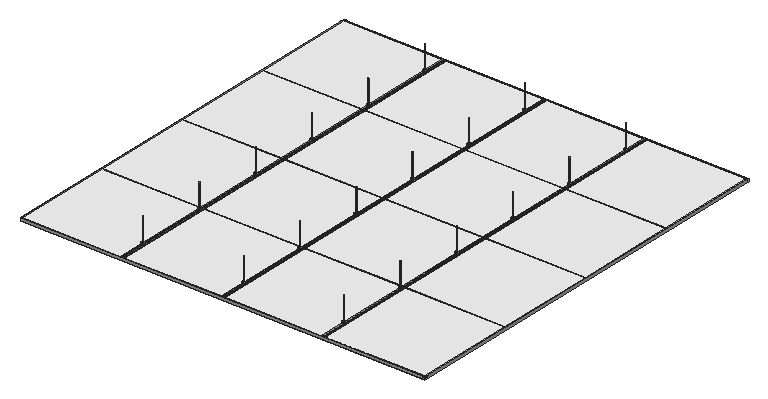
Revit family "FalsoTecho_THU_Bandeja-Capri", category Modelos genéricos, Revit 2016
Family settings
  Tipo de pieza = Normal
  Puede alojar armadura = No
  Cota de conector redondo = Diámetro de uso
  Se basa en plano de trabajo = Sí
  Siempre vertical = No
  Corte con vacíos al cargar = Sí
  Compartido = Sí
  Punto de cálculo de habitación = No
Parameters (values of type "Acero_CLIP-IN_1000x1000")
  Triangulo Oculto = yes
  Tirantes_Separación real [instance] = (Falso techo_Longitud real - (Tirante inicial_Distancia a borde * 2)) / (Tirantes_Recuento - 1)  # 700 mm
  Tirantes_Recuento [instance] = (Falso techo_Longitud real - (Tirante inicial_Distancia a borde * 2)) / Tirante_Separación aproximada + 2  # 6
  Tirante_Separación aproximada [instance] = 1000 mm  # constant formula
  Tirante_Longitud [instance] = THU_Falso techo_Plenum altura + Solape_Perfil y tirante  # 250 mm
  Tirante inicial_Distancia a borde [instance] = if(Bandejas_Recuento longitudinal < 2, 25 mm, 250 mm)  # 250 mm
  THU_Velo [instance] = yes
  THU_Subestructura_Material = "Acero galvanizado"
  THU_Subestructura_Color [instance] = THU_Acero galvanizado
  THU_Reacción al fuego = "a2-s1, d0"
  THU_Perfil secundario [instance] = Perfil_THU_Triangulo : Perfil Triangulo Oculto-Secundario
  THU_Perfil primario [instance] = Perfil_THU_Triangulo : Perfil Triangulo Oculto-Primario
  THU_Falso techo_Área [instance] = Falso techo_Longitud real * Falso techo_Anchura real  # 16.00 m²
  THU_Falso techo_Plenum altura [instance] = 250 mm
  THU_Falso techo_Longitud [instance] = 3500 mm
  THU_Falso techo_Anchura [instance] = 3500 mm
  THU_Falso techo_Altura libre [instance] = 2500 mm
  THU_Bandeja_Material = "Acero"
  THU_Bandeja_Color [instance] = THU_Blanco-Mate
  THU_Bandeja = Bandeja_THU_Capri : Acero_CLIP-IN_1000x1000
  THU_Acabado [instance] = Acabado_THU_Bandejas : Liso
  T24 = no
  T15 = no
  Solape_Perfil y tirante = 0 mm
  Página web del producto = "http://thu.es/producto/bandeja-capri/"
  Página web del fabricante = "http://thu.es/"
  Perfiles secundarios_Recuento [instance] = Bandejas_Recuento longitudinal - 1  # 3
  Perfiles primarios_Recuento [instance] = Bandejas_Recuento transversal - 1  # 3
  Perfiles perimetrales_Desfase vertical = 3 mm
  Perfil_Altura = 30 mm
  Perfil secundario_Longitud [instance] = Falso techo_Anchura real  # 4000 mm
  Perfil secundario_Intereje = 1000 mm  # constant formula
  Perfil primario_Longitud [instance] = Falso techo_Longitud real  # 4000 mm
  Perfil primario_Intereje = 1000 mm  # constant formula
  Perfil perimetral_Angular PVC [instance] = Perfiles perimetrales_THU : (F)_Angular PVC
  Perfil perimetral_Perfil cornisa [instance] = Perfiles perimetrales_THU : (D)_Perfil cornisa
  Perfil perimetral_L24x24 [instance] = Perfiles perimetrales_THU : (A)_L24x24
  Perfil perimetral_Anchura [instance] = if(A_L24x24, 24 mm, if(D_Perfil cornisa, 18 mm, if(F_Angular PVC, 28 mm, 24 mm)))  # 24 mm
  Perfil perimetral 04 [instance] = yes
  Perfil perimetral 03 [instance] = yes
  Perfil perimetral 02 [instance] = yes
  Perfil perimetral_Distancia a bandeja [instance] = Perfil perimetral_Anchura / 2  # 12 mm
  Perfil perimetral trans_Longitud [instance] = Perfil secundario_Longitud + (Perfil perimetral_Distancia a bandeja * 2)  # 4024 mm
  Perfil perimetral long_Longitud [instance] = Falso techo_Longitud real - ((Perfil perimetral_Anchura - Perfil perimetral_Distancia a bandeja) * 2)  # 3976 mm
  Perfil perimetral 01 [instance] = yes
  Perfil perimetral [instance] = if(A_L24x24, Perfil perimetral_L24x24, if(D_Perfil cornisa, Perfil perimetral_Perfil cornisa, if(F_Angular PVC, Perfil perimetral_Angular PVC, Perfil perimetral_L24x24)))  # Perfiles perimetrales_THU : (A)_L24x24
  Omniclass = "23-15 19 23 11"
  Número de edición (versión) = 0
  Nombre del objeto = "Bandeja Capri"
  NBS Reference Description = "Board suspended ceiling system"
  NBS Reference = "20-10-10/110"
  Model = ""
  Marca = "THU"
  Manual de montaje = ""
  IFC Classification = "IfcCovering (CEILING)"
  Grupo del producto = "Bandejas"
  Ficha técnica = ""
  Ficha resumen = "http://thu.es/wp-content/uploads/datasheets/THU_Techos_metalicos_Bandeja_Capri.pdf"
  Fecha de publicación del objeto BIM = ""
  Famila del producto = "Techos metálicos"
  Falso techo_Longitud real [instance] = ((Perfil secundario_Intereje * Bandejas_Recuento longitudinal) - Bandejas_Separación)  # 4000 mm
  Falso techo_Grosor = 33 mm  # constant formula
  Falso techo_Anchura real [instance] = ((Perfil primario_Intereje * Bandejas_Recuento transversal) - Bandejas_Separación)  # 4000 mm
  Fabricante = "THU Perfil S.L."
  F_Angular PVC [instance] = no
  Default Elevation = 0 mm
  Descripción = "Bandejas THU tipo Módena de dimensiones 585x585 mm, de cantos biselados (V6), rectos (V8) o enrasada y con sistema de perfilería vista (T24 o T-Decor24), compuesta por perfiles primarios y secundarios de ancho 24 mm y diferentes alturas. Alternativamente se pueden fabricar las bandejas en dimensiones 275x1175 mm con canto recto (V8)."
  Declaración de prestaciones = ""
  D_Perfil cornisa [instance] = no
  Comentarios de tipo = "Bandejas Módena T24 para techo suspendido, para ser montadas en interior de edificios con perfilería THU T24, T-Decor 24 o T-Clip"
  COBie Type Category = "L387 : Suspended ceilings"
  Bandejas_Recuento transversal [instance] = THU_Falso techo_Anchura / Perfil primario_Intereje  # 4
  Bandejas_Recuento longitudinal [instance] = THU_Falso techo_Longitud / Perfil secundario_Intereje  # 4
  Bandejas_Recuento [instance] = Bandejas_Recuento longitudinal * Bandejas_Recuento transversal  # 16
  Bandejas_Separación = 0 mm
  Bandeja_Longitud = Perfil secundario_Intereje - Bandejas_Separación  # 1000 mm
  Bandeja_Grosor = 43 mm
  Bandeja_Descuelgue = 5 mm
  Bandeja_Anchura = Perfil primario_Intereje - Bandejas_Separación  # 1000 mm
  A_L24x24 [instance] = yes
Reference planes
  plane 1 "Centro (Frontal/Posterior)": y = 0
  plane 2: z = 0
  plane 3 "Centro (Izquierda/Derecha)": x = 0
  plane 4 "Bandejas_Límite inferior": z = 2500
  plane 5 "Perfiles_Límite inferior": z = 2505
  plane 6 "Perfiles_Límite superior": z = 2535
  plane 7 "Plano de apoyo longitudinal_Separación rastreles": x = -4.5
  plane 8 "Plano de apoyo transversal_Separación rastreles": y = -4.5
  plane 9 "Tirantes_Parte superior": z = 2785
  plane 10 "Tirantes_Parte inferior": z = 2535
  plane 11 "Falso techo_Límite derecho": x = 3495.5
  plane 12 "Falso techo_Límite superior": y = 3495.5
  plane 13 "Perfiles perimetrales_Límite inferior": z = 2503
  plane 14 "Perfiles perimetrales_Límite superior real": y = 4000
  plane 15 "Perfiles perimetrales_Límite derecho real": x = 4000
Dimensions and locks
  "THU_Falso techo_Altura libre": plane 4 "Bandejas_Límite inferior" to level
  "Bandeja_Descuelgue": plane 5 "Perfiles_Límite inferior" to plane 4 "Bandejas_Límite inferior"
  "Perfil_Altura": plane 6 "Perfiles_Límite superior" to plane 5 "Perfiles_Límite inferior"
  locked: plane 7 "Plano de apoyo longitudinal_Separación rastreles" to plane 3 "Centro (Izquierda/Derecha)" at 4.5
  locked: plane 1 "Centro (Frontal/Posterior)" to plane 8 "Plano de apoyo transversal_Separación rastreles" at 4.5
  "Solape_Perfil y tirante": plane 6 "Perfiles_Límite superior" to plane 10 "Tirantes_Parte inferior"
  "THU_Falso techo_Plenum altura": plane 9 "Tirantes_Parte superior" to plane 6 "Perfiles_Límite superior"
  "THU_Falso techo_Anchura": plane 7 "Plano de apoyo longitudinal_Separación rastreles" to plane 11 "Falso techo_Límite derecho"
  "THU_Falso techo_Longitud": plane 12 "Falso techo_Límite superior" to plane 8 "Plano de apoyo transversal_Separación rastreles"
  equal spacing: group 1, group 2, group 3, group 10  (x3)
  "Bandejas_Separación": nested 1 to nested 2
  "Falso techo_Longitud real": plane 1 "Centro (Frontal/Posterior)" to plane 14 "Perfiles perimetrales_Límite superior real"
  "Falso techo_Anchura real": plane 3 "Centro (Izquierda/Derecha)" to plane 15 "Perfiles perimetrales_Límite derecho real"
  "Perfil perimetral_Distancia a bandeja": nested 4 to plane 3 "Centro (Izquierda/Derecha)"
  "Perfil perimetral_Distancia a bandeja": nested 4 to plane 1 "Centro (Frontal/Posterior)"
  "Perfil perimetral_Distancia a bandeja": nested 6 to plane 14 "Perfiles perimetrales_Límite superior real"
  "Perfil perimetral_Distancia a bandeja": nested 6 to plane 3 "Centro (Izquierda/Derecha)"
  "Perfil perimetral_Distancia a bandeja": plane 15 "Perfiles perimetrales_Límite derecho real" to nested 5
  equal spacing: group 4, group 5, group 11  (x3)
  "Perfil primario_Intereje": plane 7 "Plano de apoyo longitudinal_Separación rastreles" to nested 8
  "Perfil primario_Intereje": nested 8 to nested 9
  equal spacing: group 6, group 7, group 12  (x3)
  "Perfil primario_Intereje": plane 7 "Plano de apoyo longitudinal_Separación rastreles" to nested 10
  "Perfil primario_Intereje": nested 10 to nested 11
  equal spacing: group 8, group 9, group 13  (x3)
  "Perfil primario_Intereje": plane 3 "Centro (Izquierda/Derecha)" to nested 12
  "Perfil primario_Intereje": nested 12 to nested 13
  "Perfiles perimetrales_Desfase vertical": plane 13 "Perfiles perimetrales_Límite inferior" to plane 4 "Bandejas_Límite inferior"
  aligned and locked: level to plane 2
  aligned and locked: plane 1 "Centro (Frontal/Posterior)" to nested 1
  aligned and locked: plane 3 "Centro (Izquierda/Derecha)" to nested 1
  aligned and locked: nested 1 to plane 4 "Bandejas_Límite inferior"
  aligned and locked: nested 2 to plane 4 "Bandejas_Límite inferior"
  aligned and locked: nested 4 to nested 7  (x2)
  aligned and locked: nested 5 to nested 4
  aligned and locked: plane 5 "Perfiles_Límite inferior" to nested 8
  aligned and locked: plane 5 "Perfiles_Límite inferior" to nested 9
  aligned and locked: plane 5 "Perfiles_Límite inferior" to nested 10
  aligned and locked: plane 5 "Perfiles_Límite inferior" to nested 11
  aligned and locked: plane 5 "Perfiles_Límite inferior" to nested 12
  aligned and locked: plane 5 "Perfiles_Límite inferior" to nested 13
Nested families
  nested 1: "Bandeja_THU_Capri" at (0, 0, 2500), Bandeja_Anchura <- "Bandeja_Anchura", type <- "THU_Bandeja", THU_Color <- "THU_Bandeja_Color", THU_Material <- "THU_Bandeja_Material", Bandeja_Longitud <- "Bandeja_Longitud", Bandejas_Separación <- "Bandejas_Separación", Bandejas_Recuento transversal <- "Bandejas_Recuento transversal", type "Acero_CLIP-IN_1000x1000"
    with THU_Recuento (ud) 4, THU_Material "Acero", THU_Color THU_Blanco-Mate, Parte superior_Grosor 22 mm, Bandejas_Separación 0 mm, Bandejas_Recuento transversal 4, Bandeja_Longitud 1000 mm, Bandeja_Grosor 26 mm, Bandeja_Anchura 1000 mm
  nested 2: "Bandeja_THU_Capri" at (0, 1000, 2500), Bandeja_Anchura <- "Bandeja_Anchura", type <- "THU_Bandeja", THU_Color <- "THU_Bandeja_Color", THU_Material <- "THU_Bandeja_Material", Bandeja_Longitud <- "Bandeja_Longitud", Bandejas_Separación <- "Bandejas_Separación", Bandejas_Recuento transversal <- "Bandejas_Recuento transversal", type "Acero_CLIP-IN_1000x1000"
    with THU_Recuento (ud) 4, THU_Material "Acero", THU_Color THU_Blanco-Mate, Parte superior_Grosor 22 mm, Bandejas_Separación 0 mm, Bandejas_Recuento transversal 4, Bandeja_Longitud 1000 mm, Bandeja_Grosor 26 mm, Bandeja_Anchura 1000 mm
  nested 3: "Bandeja_THU_Capri" at (0, 2000, 2500), Bandeja_Anchura <- "Bandeja_Anchura", type <- "THU_Bandeja", THU_Color <- "THU_Bandeja_Color", THU_Material <- "THU_Bandeja_Material", Bandeja_Longitud <- "Bandeja_Longitud", Bandejas_Separación <- "Bandejas_Separación", Bandejas_Recuento transversal <- "Bandejas_Recuento transversal", type "Acero_CLIP-IN_1000x1000"
    with THU_Recuento (ud) 4, THU_Material "Acero", THU_Color THU_Blanco-Mate, Parte superior_Grosor 22 mm, Bandejas_Separación 0 mm, Bandejas_Recuento transversal 4, Bandeja_Longitud 1000 mm, Bandeja_Grosor 26 mm, Bandeja_Anchura 1000 mm
  nested 4: "Perfiles perimetrales_THU" at (-12, -12, 2503) x (0, 1, 0) z (0, 0, 1), THU_Color <- "THU_Subestructura_Color", THU_Material <- "THU_Subestructura_Material", Perfil_Anchura <- "Perfil perimetral_Anchura", type <- "Perfil perimetral", Perfil_Longitud <- "Perfil perimetral trans_Longitud", visible <- "Perfil perimetral 01", type "(A)_L24x24"
    with THU_Recuento (ml) 4024 mm, THU_Material "Acero galvanizado", THU_Color THU_Acero galvanizado, Perfil_Longitud 4024 mm, Perfil_Anchura 24 mm
  nested 5: "Perfiles perimetrales_THU" at (4012, 12, 2503) x (-1, 0, 0) z (0, 0, 1), THU_Color <- "THU_Subestructura_Color", THU_Material <- "THU_Subestructura_Material", Perfil_Anchura <- "Perfil perimetral_Anchura", type <- "Perfil perimetral", Perfil_Longitud <- "Perfil perimetral long_Longitud", visible <- "Perfil perimetral 02", type "(A)_L24x24"
    with THU_Recuento (ml) 3976 mm, THU_Material "Acero galvanizado", THU_Color THU_Acero galvanizado, Perfil_Longitud 3976 mm, Perfil_Anchura 24 mm
  nested 6: "Perfiles perimetrales_THU" at (-12, 4012, 2503) x (0, -1, 0) z (0, 0, 1), THU_Color <- "THU_Subestructura_Color", THU_Material <- "THU_Subestructura_Material", Perfil_Anchura <- "Perfil perimetral_Anchura", type <- "Perfil perimetral", Perfil_Longitud <- "Perfil perimetral trans_Longitud", visible <- "Perfil perimetral 03", type "(A)_L24x24"
    with THU_Recuento (ml) 4024 mm, THU_Material "Acero galvanizado", THU_Color THU_Acero galvanizado, Perfil_Longitud 4024 mm, Perfil_Anchura 24 mm
  nested 7: "Perfiles perimetrales_THU" at (-12, 12, 2503), THU_Color <- "THU_Subestructura_Color", THU_Material <- "THU_Subestructura_Material", Perfil_Anchura <- "Perfil perimetral_Anchura", type <- "Perfil perimetral", Perfil_Longitud <- "Perfil perimetral long_Longitud", visible <- "Perfil perimetral 04", type "(A)_L24x24"
    with THU_Recuento (ml) 3976 mm, THU_Material "Acero galvanizado", THU_Color THU_Acero galvanizado, Perfil_Longitud 3976 mm, Perfil_Anchura 24 mm
  nested 8: "Perfil_THU_T24" at (995.5, 0, 2505), Tirante inicial_Distancia a extremo <- "Tirante inicial_Distancia a borde", Tirante_Longitud <- "Tirante_Longitud", Tirantes_Recuento <- "Tirantes_Recuento", THU_Color <- "THU_Subestructura_Color", THU_Material <- "THU_Subestructura_Material", Perfil_Longitud <- "Perfil primario_Longitud", visible <- "T24", type "Perfil T24-Primario"
    with Tirantes_Recuento 6, Tirante_Longitud 250 mm, Tirante inicial_Distancia a extremo 250 mm, THU_Recuento (ml) 4000 mm, THU_Material "Acero galvanizado", THU_Color THU_Acero galvanizado, Perfil_Longitud 4000 mm, Perfil_Grosor superior 5 mm, Perfil_Grosor base 1 mm, Perfil_Altura alma 27 mm, Perfil_Altura 33 mm
  nested 9: "Perfil_THU_T24" at (1995.5, 0, 2505), Tirante inicial_Distancia a extremo <- "Tirante inicial_Distancia a borde", Tirante_Longitud <- "Tirante_Longitud", Tirantes_Recuento <- "Tirantes_Recuento", THU_Color <- "THU_Subestructura_Color", THU_Material <- "THU_Subestructura_Material", Perfil_Longitud <- "Perfil primario_Longitud", visible <- "T24", type "Perfil T24-Primario"
    with Tirantes_Recuento 6, Tirante_Longitud 250 mm, Tirante inicial_Distancia a extremo 250 mm, THU_Recuento (ml) 4000 mm, THU_Material "Acero galvanizado", THU_Color THU_Acero galvanizado, Perfil_Longitud 4000 mm, Perfil_Grosor superior 5 mm, Perfil_Grosor base 1 mm, Perfil_Altura alma 27 mm, Perfil_Altura 33 mm
  nested 10: "Perfil_THU_T15" at (995.5, 0, 2505), Tirante inicial_Distancia a extremo <- "Tirante inicial_Distancia a borde", Tirante_Longitud <- "Tirante_Longitud", Tirantes_Recuento <- "Tirantes_Recuento", visible <- "T15", THU_Color <- "THU_Subestructura_Color", THU_Material <- "THU_Subestructura_Material", Perfil_Longitud <- "Perfil primario_Longitud", type "Perfil T15-Primario"
    with Tirantes_Recuento 6, Tirante_Longitud 250 mm, Tirante inicial_Distancia a extremo 250 mm, THU_Recuento (ml) 4000 mm, THU_Material "Acero galvanizado", THU_Color THU_Acero galvanizado, Perfil_Longitud 4000 mm, Perfil_Grosor superior 10 mm, Perfil_Grosor base 1.8 mm, Perfil_Altura alma 26.2 mm, Perfil_Altura 38 mm
  nested 11: "Perfil_THU_T15" at (1995.5, 0, 2505), Tirante inicial_Distancia a extremo <- "Tirante inicial_Distancia a borde", Tirante_Longitud <- "Tirante_Longitud", Tirantes_Recuento <- "Tirantes_Recuento", visible <- "T15", THU_Color <- "THU_Subestructura_Color", THU_Material <- "THU_Subestructura_Material", Perfil_Longitud <- "Perfil primario_Longitud", type "Perfil T15-Primario"
    with Tirantes_Recuento 6, Tirante_Longitud 250 mm, Tirante inicial_Distancia a extremo 250 mm, THU_Recuento (ml) 4000 mm, THU_Material "Acero galvanizado", THU_Color THU_Acero galvanizado, Perfil_Longitud 4000 mm, Perfil_Grosor superior 10 mm, Perfil_Grosor base 1.8 mm, Perfil_Altura alma 26.2 mm, Perfil_Altura 38 mm
  nested 12: "Perfil_THU_Triangulo" at (1000, 0, 2505), Tirante inicial_Distancia a extremo <- "Tirante inicial_Distancia a borde", Tirante_Longitud <- "Tirante_Longitud", Tirantes_Recuento <- "Tirantes_Recuento", THU_Color <- "THU_Subestructura_Color", THU_Material <- "THU_Subestructura_Material", Perfil_Longitud <- "Perfil primario_Longitud", visible <- "Triangulo Oculto", type "Perfil Triangulo Oculto-Primario"
    with Tirantes_Recuento 6, Tirante_Longitud 250 mm, Tirante inicial_Distancia a extremo 250 mm, THU_Recuento (ml) 4000 mm, THU_Material "Acero galvanizado", THU_Color THU_Acero galvanizado, Perfil_Longitud 4000 mm, Perfil_Grosor superior 10.3 mm, Perfil_Grosor base 1 mm, Perfil_Altura alma 18.7 mm, Perfil_Altura 30 mm
  nested 13: "Perfil_THU_Triangulo" at (2000, 0, 2505), Tirante inicial_Distancia a extremo <- "Tirante inicial_Distancia a borde", Tirante_Longitud <- "Tirante_Longitud", Tirantes_Recuento <- "Tirantes_Recuento", THU_Color <- "THU_Subestructura_Color", THU_Material <- "THU_Subestructura_Material", Perfil_Longitud <- "Perfil primario_Longitud", visible <- "Triangulo Oculto", type "Perfil Triangulo Oculto-Primario"
    with Tirantes_Recuento 6, Tirante_Longitud 250 mm, Tirante inicial_Distancia a extremo 250 mm, THU_Recuento (ml) 4000 mm, THU_Material "Acero galvanizado", THU_Color THU_Acero galvanizado, Perfil_Longitud 4000 mm, Perfil_Grosor superior 10.3 mm, Perfil_Grosor base 1 mm, Perfil_Altura alma 18.7 mm, Perfil_Altura 30 mm
  nested 14: "Bandeja_THU_Capri" at (0, 3000, 2500), Bandeja_Anchura <- "Bandeja_Anchura", type <- "THU_Bandeja", THU_Color <- "THU_Bandeja_Color", THU_Material <- "THU_Bandeja_Material", Bandeja_Longitud <- "Bandeja_Longitud", Bandejas_Separación <- "Bandejas_Separación", Bandejas_Recuento transversal <- "Bandejas_Recuento transversal", type "Acero_CLIP-IN_1000x1000"
    with THU_Recuento (ud) 4, THU_Material "Acero", THU_Color THU_Blanco-Mate, Parte superior_Grosor 22 mm, Bandejas_Separación 0 mm, Bandejas_Recuento transversal 4, Bandeja_Longitud 1000 mm, Bandeja_Grosor 26 mm, Bandeja_Anchura 1000 mm
  nested 15: "Perfil_THU_T24" at (2995.5, 0, 2505), Tirante inicial_Distancia a extremo <- "Tirante inicial_Distancia a borde", Tirante_Longitud <- "Tirante_Longitud", Tirantes_Recuento <- "Tirantes_Recuento", THU_Color <- "THU_Subestructura_Color", THU_Material <- "THU_Subestructura_Material", Perfil_Longitud <- "Perfil primario_Longitud", visible <- "T24", type "Perfil T24-Primario"
    with Tirantes_Recuento 6, Tirante_Longitud 250 mm, Tirante inicial_Distancia a extremo 250 mm, THU_Recuento (ml) 4000 mm, THU_Material "Acero galvanizado", THU_Color THU_Acero galvanizado, Perfil_Longitud 4000 mm, Perfil_Grosor superior 5 mm, Perfil_Grosor base 1 mm, Perfil_Altura alma 27 mm, Perfil_Altura 33 mm
  nested 16: "Perfil_THU_T15" at (2995.5, 0, 2505), Tirante inicial_Distancia a extremo <- "Tirante inicial_Distancia a borde", Tirante_Longitud <- "Tirante_Longitud", Tirantes_Recuento <- "Tirantes_Recuento", visible <- "T15", THU_Color <- "THU_Subestructura_Color", THU_Material <- "THU_Subestructura_Material", Perfil_Longitud <- "Perfil primario_Longitud", type "Perfil T15-Primario"
    with Tirantes_Recuento 6, Tirante_Longitud 250 mm, Tirante inicial_Distancia a extremo 250 mm, THU_Recuento (ml) 4000 mm, THU_Material "Acero galvanizado", THU_Color THU_Acero galvanizado, Perfil_Longitud 4000 mm, Perfil_Grosor superior 10 mm, Perfil_Grosor base 1.8 mm, Perfil_Altura alma 26.2 mm, Perfil_Altura 38 mm
  nested 17: "Perfil_THU_Triangulo" at (3000, 0, 2505), Tirante inicial_Distancia a extremo <- "Tirante inicial_Distancia a borde", Tirante_Longitud <- "Tirante_Longitud", Tirantes_Recuento <- "Tirantes_Recuento", THU_Color <- "THU_Subestructura_Color", THU_Material <- "THU_Subestructura_Material", Perfil_Longitud <- "Perfil primario_Longitud", visible <- "Triangulo Oculto", type "Perfil Triangulo Oculto-Primario"
    with Tirantes_Recuento 6, Tirante_Longitud 250 mm, Tirante inicial_Distancia a extremo 250 mm, THU_Recuento (ml) 4000 mm, THU_Material "Acero galvanizado", THU_Color THU_Acero galvanizado, Perfil_Longitud 4000 mm, Perfil_Grosor superior 10.3 mm, Perfil_Grosor base 1 mm, Perfil_Altura alma 18.7 mm, Perfil_Altura 30 mm
Definition of nested family "Bandeja_THU_Capri"
  Parameters (values of type "Acero_Enrasada_1000x1000")
    THU_Recuento (ud) [instance] = Bandejas_Recuento transversal  # 2
    THU_Mediciones = yes
    THU_Material [instance] = "Acero"
    THU_Color [instance] = none
    Nombre del objeto = "Capri Enrasada 1000x1000"
    Default Elevation = 0 mm
    Parte inferior_Desfase vertical = 2 mm
    Parte inferior_Inicio extrusión = 0 mm  # constant formula
    Parte inferior_Desfase horizontal = 12.5 mm
    Parte superior_Grosor [instance] = 23 mm
    Bandejas_Recuento transversal [instance] = 2
    Bandejas_Separación [instance] = 12 mm
    Bandeja_Longitud [instance] = 976 mm
    Bandeja_Grosor [instance] = Parte superior_Grosor + Parte inferior_Desfase vertical  # 25 mm
    Bandeja_Anchura [instance] = 976 mm
  Types (3, lengths in mm): name | Nombre del objeto | Parte inferior_Desfase vertical | Parte inferior_Desfase horizontal | Parte superior_Grosor | Bandejas_Separación | Bandeja_Longitud | Bandeja_Grosor | Bandeja_Anchura
    Acero_Descolgada-8mm_1000x1000 | "Capri Descolgada 8 1000x1000" | 8 | 12.5 | 22 | 15 | 992.5 | 30 | 992.5
    Acero_CLIP-IN_1000x1000 | "Capri_CLIP-IN_1000x1000" | 4 | 4 | 39 | 0 | 1000 | 43 | 1000
    Acero_Enrasada_1000x1000 | "Capri Enrasada 1000x1000" | 2 | 12.5 | 23 | 12 | 976 | 25 | 976
  Reference planes
    plane 1 "Centro (Frontal/Posterior)": y = 0
    plane 2: z = 0
    plane 3 "Centro (Izquierda/Derecha)": x = 0
  Forms (mm)
    Extrusion 1, solid, material <- "THU_Color"
      sketch origin (0, 0, 0) x (1, 0, 0) y (0, 1, 0)
        loop
          line (0, 0) -> (976, 0) -> (976, 976) -> (0, 976) -> (0, 0)
      from 2 <- "Parte inferior_Desfase vertical" to 25 <- "Bandeja_Grosor"
    Extrusion 2, solid, material <- "THU_Color"
      sketch origin (0, 0, 0) x (1, 0, 0) y (0, 1, 0)
        loop
          line (12.5, 963.5) -> (12.5, 12.5) -> (963.5, 12.5) -> (963.5, 963.5) -> (12.5, 963.5)
      from 0 <- "Parte inferior_Inicio extrusión" to 2 <- "Parte inferior_Desfase vertical"
    Extrusion 3, solid, material <- "THU_Color"
      sketch origin (988, 0, 0) x (1, 0, 0) y (0, 1, 0)
        loop
          line (0, 0) -> (976, 0) -> (976, 976) -> (0, 976) -> (0, 0)
      from 2 <- "Parte inferior_Desfase vertical" to 25 <- "Bandeja_Grosor"
    Extrusion 4, solid, material <- "THU_Color"
      sketch origin (988, 0, 0) x (1, 0, 0) y (0, 1, 0)
        loop
          line (12.5, 963.5) -> (12.5, 12.5) -> (963.5, 12.5) -> (963.5, 963.5) -> (12.5, 963.5)
      from 0 <- "Parte inferior_Inicio extrusión" to 2 <- "Parte inferior_Desfase vertical"
  Lines and regions (mm)
    reference lines
      curve 1: line (0, 0, 0) -> (0, 600, 0)
      curve 2: line (0, 0, 0) -> (600, 0, 0)
      curve 3: line (600, 0, 0) -> (1200, 0, 0)
      curve 4: line (988, 0, 0) -> (988, 600, 0)
      curve 5: line (988, 0, 0) -> (1588, 0, 0)
  Dimensions and locks
    "Bandeja_Anchura": curve 1 to Extrusion 1 sketch curve
    "Bandeja_Longitud": Extrusion 1 sketch curve to curve 2
    "Parte inferior_Desfase horizontal": curve 2 to Extrusion 2 sketch curve
    "Parte inferior_Desfase horizontal": Extrusion 2 sketch curve to Extrusion 1  (x2)
    "Parte inferior_Desfase horizontal": curve 1 to Extrusion 2 sketch curve
    "Bandeja_Anchura": curve 4 to Extrusion 3 sketch curve
    "Bandeja_Longitud": Extrusion 3 sketch curve to curve 5
    "Parte inferior_Desfase horizontal": curve 5 to Extrusion 4 sketch curve
    "Parte inferior_Desfase horizontal": Extrusion 4 sketch curve to Extrusion 3  (x2)
    "Parte inferior_Desfase horizontal": curve 4 to Extrusion 4 sketch curve
    group 1 to group 2 = 988 mm
    group 1 to group 2 = 0 mm  (x2)
    "Bandejas_Separación": Extrusion 1 to curve 4
    aligned and locked: level to plane 2
    aligned and locked: Extrusion 1 sketch curve to curve 1
    aligned and locked: Extrusion 1 sketch curve to curve 2
    aligned and locked: Extrusion 2 to level  (x2)
    aligned and locked: Extrusion 3 sketch curve to curve 4
    aligned and locked: Extrusion 3 sketch curve to curve 5
    aligned and locked: Extrusion 4 to level
  Automatic sketch dimensions
    plane 1 "Centro (Frontal/Posterior)" to curve 3 = 0 mm
    curve 3 to curve 3 = 600 mm
    plane 3 "Centro (Izquierda/Derecha)" to curve 3 = 600 mm
Definition of nested family "Perfiles perimetrales_THU"
  Parameters (values of type "U20")
    U = yes
    THU_Recuento (ml) [instance] = Perfil_Longitud  # 1000 mm
    THU_Mediciones = 1 < 2  # yes
    THU_Material [instance] = "Acero galvanizado"
    THU_Color [instance] = none
    RC = no
    Perfil_Longitud [instance] = 1000 mm
    Perfil_Grosor = 1 mm
    Perfil_Anchura [instance] = 15 mm
    Perfil_Altura = 20 mm
    Nombre del objeto = "Perfil U20"
    (A)_(F) = no
    Default Elevation = 0 mm
    (D)_Perfil cornisa = no
  Types (7, lengths in mm): name | U | THU_Material | RC | Perfil_Anchura | Perfil_Altura | Nombre del objeto | (A)_(F) | (D)_Perfil cornisa
    (A)_L24x24 | no | "Acero galvanizado" | no | 24 | 24 | "(A)_L24x24" | yes | no
    (D)_Perfil cornisa | no | "Acero galvanizado" | no | 18 | 37 | "(D)_Perfil cornisa" | no | yes
    (F)_Angular PVC | no | "PVC" | no | 28 | 22 | "(F)_Angular PVC" | yes | no
    (A)_L15x33 | no | "Acero galvanizado" | no | 15 | 33 | "(A)_L24x24" | yes | no
    U40 | yes | "Acero galvanizado" | no | 15 | 42 | "Perfil U40" | no | no
    RC | no | "Acero galvanizado" | yes | 28 | 20 | "Perfil RC" | no | no
    U20 | yes | "Acero galvanizado" | no | 15 | 20 | "Perfil U20" | no | no
  Reference planes
    plane 1 "Centro (Frontal/Posterior)": y = 0
    plane 2: z = 0
    plane 3 "Centro (Izquierda/Derecha)": x = 0
    plane 4 "Perfil_Cara superior": z = 20
    plane 5: x = 15
    plane 6: y = -1000
  Forms (mm)
    Extrusion 1, solid, material <- "THU_Color", visible <- "(A)_(F)", detail levels medium+fine
      sketch origin (0, 0, 0) x (1, 0, 0) y (0, 0, 1)
        loop
          line (0, 20) -> (0, 0) -> (15, 0) -> (15, 1) -> (1, 1) -> (1, 20) -> (0, 20)
      from 0 to 1000
    Extrusion 2, solid, material <- "THU_Color", visible <- "(D)_Perfil cornisa", detail levels medium+fine
      sketch origin (0, 0, 0) x (1, 0, 0) y (0, 0, 1)
        loop
          line (1, 20) -> (0, 20) -> (0, 1) -> (-13, 1) -> (-13, 22) -> (-14, 22) -> (-14, 0) -> (15, 0) -> (15, 1) -> (1, 1) -> (1, 20)
      from 0 to 1000
    Extrusion 3, solid, material <- "THU_Color", visible <- "U", detail levels medium+fine
      sketch origin (0, 0, 0) x (1, 0, 0) y (0, 0, 1)
        loop
          line (0, 0) -> (15, 0) -> (15, 1) -> (1, 1) -> (1, 19) -> (15, 19) -> (15, 20) -> (0, 20) -> (0, 0)
      from 0 to 1000
    Extrusion 4, solid, material <- "THU_Color", visible <- "RC"
      sketch origin (0, 0, 0) x (1, 0, 0) y (0, 0, 1)
        loop
          line (15, 0) -> (15, 1) -> (1.398, 1) -> (1.398, 1.948) -> (7.436, 4.764)
          arc (7.436, 4.764) -> (8.592, 7.941) -> (5.415, 9.097) r 2.391
          line (5.415, 9.097) -> (1, 7.038) -> (1, 19) -> (6.5, 19) -> (6.5, 17.2) -> (7.5, 17.2) -> (7.5, 20) -> (0, 20) -> (0, 5.469) -> (5.838, 8.191)
          arc (5.838, 8.191) -> (7.686, 7.518) -> (7.013, 5.67) r 1.391
          line (7.013, 5.67) -> (0, 2.4) -> (0, 0) -> (15, 0)
      from 0 to 1000
  Dimensions and locks
    "Perfil_Altura": plane 4 "Perfil_Cara superior" to level
    "Perfil_Anchura": plane 5 to plane 3 "Centro (Izquierda/Derecha)"
    locked: Extrusion 2 sketch curve to Extrusion 2 sketch curve at 1  (x3)
    locked: Extrusion 2 sketch curve to Extrusion 1 at 13
    locked: Extrusion 2 sketch curve to level at 22
    "Perfil_Longitud": plane 6 to plane 1 "Centro (Frontal/Posterior)"
    locked: Extrusion 3 sketch curve to Extrusion 3 sketch curve at 1  (x3)
    locked: Extrusion 4 sketch curve to Extrusion 4 sketch curve at 1  (x6)
    locked: Extrusion 4 sketch curve to Extrusion 4 sketch curve at 1.398
    aligned and locked: level to plane 2
    aligned and locked: plane 5 to Extrusion 1 sketch curve
    aligned and locked: Extrusion 1 sketch curve to plane 4 "Perfil_Cara superior"
    aligned and locked: plane 4 "Perfil_Cara superior" to Extrusion 2 sketch curve
    aligned and locked: plane 5 to Extrusion 2 sketch curve
    aligned and locked: plane 3 "Centro (Izquierda/Derecha)" to Extrusion 2 sketch curve
    aligned and locked: Extrusion 1 sketch curve to plane 3 "Centro (Izquierda/Derecha)"
    aligned and locked: plane 6 to Extrusion 2
    aligned and locked: plane 6 to Extrusion 1
    aligned and locked: Extrusion 3 sketch curve to plane 5
    aligned and locked: plane 5 to Extrusion 3 sketch curve
    aligned and locked: Extrusion 3 sketch curve to plane 4 "Perfil_Cara superior"
    aligned and locked: Extrusion 3 sketch curve to plane 2
    aligned and locked: plane 3 "Centro (Izquierda/Derecha)" to Extrusion 3 sketch curve
    aligned and locked: Extrusion 3 to plane 1 "Centro (Frontal/Posterior)"
    aligned and locked: Extrusion 3 to plane 6
    aligned and locked: Extrusion 4 sketch curve to plane 4 "Perfil_Cara superior"
    aligned and locked: plane 3 "Centro (Izquierda/Derecha)" to Extrusion 4 sketch curve  (x2)
    aligned and locked: level to Extrusion 4 sketch curve
    aligned and locked: plane 5 to Extrusion 4 sketch curve
    aligned and locked: Extrusion 4 to plane 6
  Automatic sketch dimensions
    Extrusion 1 sketch curve to level = 0 mm
    plane 3 "Centro (Izquierda/Derecha)" to Extrusion 1 sketch curve = 1 mm
    level to Extrusion 1 sketch curve = 1 mm
    Extrusion 2 sketch curve to level = 0 mm
    Extrusion 2 sketch curve to Extrusion 2 sketch curve = 0 mm
    Extrusion 4 sketch curve to Extrusion 4 sketch curve = 0 mm
    Extrusion 4 sketch curve to Extrusion 4 sketch curve = 4.415 mm
    Extrusion 4 sketch curve to Extrusion 4 sketch curve = 0.423 mm  (x2)
    Extrusion 4 sketch curve to Extrusion 4 sketch curve = 0.588 mm  (x2)
    Extrusion 4 sketch curve to Extrusion 4 sketch curve = 5.5 mm
    Extrusion 4 sketch curve to Extrusion 4 sketch curve = 0.948 mm
    Extrusion 4 sketch curve to Extrusion 4 sketch curve = 0.452 mm
    Extrusion 4 sketch curve to Extrusion 4 sketch curve = 3.069 mm
    Extrusion 4 sketch curve to Extrusion 4 sketch curve = 1.26 mm
    Extrusion 4 sketch curve to Extrusion 4 sketch curve = 1.8 mm
Definition of nested family "Perfil_THU_T24"
  Parameters (values of type "Perfil T24-Secundario")
    Tirantes_Recuento [instance] = 2
    Tirantes = no
    Tirante_Longitud [instance] = 250 mm
    Tirante inicial_Distancia a extremo [instance] = 250 mm
    THU_Recuento (ml) [instance] = Perfil_Longitud  # 1000 mm
    THU_Mediciones = 1 < 2  # yes
    THU_Material [instance] = "Acero galvanizado"
    THU_Color [instance] = none
    Perfil_Longitud [instance] = 1000 mm
    Perfil_Anchura base = 24 mm  # constant formula
    Perfil_Grosor base [instance] = 1 mm  # constant formula
    Perfil_Anchura superior = 6.5 mm  # constant formula
    Perfil_Altura [instance] = 33 mm
    Nombre del objeto = "Perfil T24"
    Default Elevation = 0 mm
    Perfil_Grosor alma = 1 mm  # constant formula
    Perfil_Grosor superior [instance] = 5 mm  # constant formula
    Perfil_Altura alma [instance] = Perfil_Altura - (Perfil_Grosor base + Perfil_Grosor superior)  # 27 mm
  Types (2, lengths in mm): name | Tirantes
    Perfil T24-Primario | yes
    Perfil T24-Secundario | no
  Reference planes
    plane 1 "Centro (Frontal/Posterior)": y = 0
    plane 2: z = 0
    plane 3 "Centro (Izquierda/Derecha)": x = 0
    plane 4 "Perfil_Cara superior": z = 33
    plane 5 "Tirante_Cara inferior": z = 26
  Forms (mm)
    Extrusion 1, solid, material <- "THU_Color", detail levels medium+fine
      sketch origin (0, 0, 47.063) x (1, 0, 0) y (0, 0, -1)
        loop
          line (3.25, 14.063) -> (3.25, 19.063) -> (0.5, 19.063) -> (0.5, 46.063) -> (12, 46.063) -> (12, 47.063) -> (-12, 47.062) -> (-12, 46.062) -> (-0.5, 46.063) -> (-0.5, 19.063) -> (-3.25, 19.063) -> (-3.25, 14.063) -> (3.25, 14.063)
      from 0 to 1000
  Lines and regions (mm)
    reference lines
      curve 1: line (-19.494, 0, 0) -> (20.506, 0, 0)
  Dimensions and locks
    "Perfil_Anchura superior": Extrusion 1 sketch curve to Extrusion 1 sketch curve
    equal spacing: Extrusion 1 sketch curve, plane 3 "Centro (Izquierda/Derecha)", Extrusion 1 sketch curve  (x3)
    "Perfil_Grosor alma": Extrusion 1 sketch curve to Extrusion 1 sketch curve
    "Perfil_Grosor superior": Extrusion 1 sketch curve to Extrusion 1 sketch curve
    "Perfil_Altura alma": Extrusion 1 sketch curve to Extrusion 1 sketch curve
    "Perfil_Anchura base": Extrusion 1 sketch curve to Extrusion 1 sketch curve
    "Perfil_Longitud": Extrusion 1 to Extrusion 1
    "Perfil_Altura": plane 4 "Perfil_Cara superior" to level
    "Tirante inicial_Distancia a extremo": plane 1 "Centro (Frontal/Posterior)" to nested 1
    locked: plane 4 "Perfil_Cara superior" to plane 5 "Tirante_Cara inferior" at 7
    group 1 to group 2 = 0 mm  (x2)
    group 1 to group 2 = 500 mm
    "Tirante inicial_Distancia a extremo": Extrusion 1 to nested 2
    "Perfil_Grosor base": Extrusion 1 sketch curve to Extrusion 1 sketch curve
    aligned and locked: level to plane 2
    aligned and locked: Extrusion 1 sketch curve to Extrusion 1 sketch curve
    aligned and locked: Extrusion 1 to level
    aligned and locked: plane 4 "Perfil_Cara superior" to Extrusion 1  (x2)
    aligned and locked: plane 3 "Centro (Izquierda/Derecha)" to nested 1
    aligned and locked: nested 1 to plane 5 "Tirante_Cara inferior"  (x2)
    aligned and locked: nested 2 to plane 5 "Tirante_Cara inferior"
    aligned and locked: plane 2 to curve 1
    aligned and locked: curve 1 to Extrusion 1 sketch curve
  Automatic sketch dimensions
    curve 1 to plane 3 "Centro (Izquierda/Derecha)" = 19.494 mm
    plane 3 "Centro (Izquierda/Derecha)" to curve 1 = 20.506 mm
    Extrusion 1 sketch curve to Extrusion 1 sketch curve = 0 mm
  Nested families
    nested 1: "Tirantes_THU" at (0, 250, 26), Tirante_Longitud <- "Tirante_Longitud", visible <- "Tirantes", Tirante_Material <- "THU_Color", type "Tirante - Perfiles", detail levels fine
      with Tirante_Material none, Tirante_Longitud 250 mm
    nested 2: "Tirantes_THU" at (0, 750, 26), Tirante_Longitud <- "Tirante_Longitud", visible <- "Tirantes", Tirante_Material <- "THU_Color", type "Tirante - Perfiles", detail levels fine
      with Tirante_Material none, Tirante_Longitud 250 mm
  Definition of nested family "Tirantes_THU"
    Parameters (values of type "Tirante - Perfil triangular")
      Tirante_Material [instance] = none
      Tirante_Longitud [instance] = 250 mm
      Pieza de cuelgue_Altura = 20 mm
      Pieza de cualgue_Anchura = 26 mm
      Perfiles = no
      Perfil triangular = yes
      Rastreles = no
      Default Elevation = 0 mm
    Types (3, lengths in mm): name | Pieza de cuelgue_Altura | Pieza de cualgue_Anchura | Perfiles | Perfil triangular | Rastreles
      Tirante - Rastreles | 40 | 10 | no | no | yes
      Tirante - Perfil triangular | 20 | 26 | no | yes | no
      Tirante - Perfiles | 20 | 10.5 | yes | no | no
    Reference planes
      plane 1 "Centro (Frontal/Posterior)": y = 0
      plane 2: z = 0
      plane 3 "Centro (Izquierda/Derecha)": x = 0
      plane 4 "Perfil_Cara superior": z = 20
      plane 5 "Tirantes_Límite superior": z = 250
      plane 6 "Pieza de cuelgue_Lateral izquierdo": x = -13
      plane 7 "Pieza de cuelgue_Lateral derecho": x = 13
    Forms (mm)
      Extrusion 1, solid, material <- "Tirante_Material"
        sketch origin (0, 0, 0) x (1, 0, 0) y (0, 1, 0)
          loop
            circle (0, 0) r 1.5
        from 20 to 250
      Extrusion 2, solid, material <- "Tirante_Material", visible <- "Perfiles"
        sketch origin (0, 0, 0) x (1, 0, 0) y (0, 0, 1)
          loop
            line (-13, 20) -> (-13, 0) -> (-8.759, 0) -> (-8.759, 2) -> (-10.518, 2) -> (-10.518, 11) -> (10.518, 11) -> (10.518, 2) -> (8.759, 2) -> (8.759, 0) -> (13, 0) -> (13, 20) -> (-13, 20)
        from -1 to 1
      Extrusion 3, solid, material <- "Tirante_Material", visible <- "Perfil triangular"
        sketch origin (0, 0, 0) x (1, 0, 0) y (0, 0, 1)
          loop
            line (0, 20) -> (-13, 20) -> (-13, 18) -> (-1, 18) -> (-1, 2.022) -> (-13, 2.022) -> (-13, 0) -> (0, 0) -> (13, 0) -> (13, 2.022) -> (1, 2.022) -> (1, 18) -> (13, 18) -> (13, 20) -> (0, 20)
        from -7.5 to 7.5
      Extrusion 4, solid, material <- "Tirante_Material", visible <- "Rastreles"
        sketch origin (0, 0, 0) x (1, 0, 0) y (0, 0, 1)
          loop
            line (-13, 0) -> (13, 0) -> (13, 20) -> (-13, 20) -> (-13, 0)
        from -1 to 1
    Dimensions and locks
      equal spacing: Extrusion 2, plane 1 "Centro (Frontal/Posterior)", Extrusion 2
      "Tirante_Longitud": plane 5 "Tirantes_Límite superior" to level
      "Pieza de cuelgue_Altura": plane 4 "Perfil_Cara superior" to level
      "Pieza de cualgue_Anchura": plane 7 "Pieza de cuelgue_Lateral derecho" to plane 6 "Pieza de cuelgue_Lateral izquierdo"
      equal spacing: plane 7 "Pieza de cuelgue_Lateral derecho", plane 3 "Centro (Izquierda/Derecha)", plane 6 "Pieza de cuelgue_Lateral izquierdo"
      locked: Extrusion 2 sketch curve to Extrusion 2 sketch curve at 2.482  (x2)
      locked: Extrusion 2 sketch curve to Extrusion 2 sketch curve at 9
      locked: Extrusion 2 sketch curve to Extrusion 2 sketch curve at 4.241  (x2)
      locked: Extrusion 3 sketch curve to Extrusion 3 sketch curve at 2  (x2)
      locked: Extrusion 3 sketch curve to Extrusion 3 sketch curve at 2.022
      aligned and locked: level to plane 2
      aligned and locked: plane 5 "Tirantes_Límite superior" to Extrusion 1
      aligned and locked: Extrusion 1 to plane 4 "Perfil_Cara superior"
      aligned and locked: Extrusion 1 to Extrusion 2
      aligned and locked: Extrusion 2 to level
      aligned and locked: Extrusion 3 sketch curve to Extrusion 3 sketch curve  (x4)
      aligned and locked: plane 4 "Perfil_Cara superior" to Extrusion 4 sketch curve
      aligned and locked: plane 7 "Pieza de cuelgue_Lateral derecho" to Extrusion 4 sketch curve
      aligned and locked: Extrusion 4 sketch curve to plane 6 "Pieza de cuelgue_Lateral izquierdo"
      aligned and locked: plane 6 "Pieza de cuelgue_Lateral izquierdo" to Extrusion 2 sketch curve
      aligned and locked: Extrusion 3 sketch curve to plane 7 "Pieza de cuelgue_Lateral derecho"
      aligned and locked: Extrusion 3 sketch curve to plane 6 "Pieza de cuelgue_Lateral izquierdo"
      aligned and locked: Extrusion 2 sketch curve to Extrusion 2 sketch curve
    Automatic sketch dimensions
      plane 1 "Centro (Frontal/Posterior)" to Extrusion 1 sketch curve = 0 mm
      Extrusion 1 sketch curve to plane 3 "Centro (Izquierda/Derecha)" = 0 mm
      Extrusion 2 sketch curve to level = 0 mm  (x2)
      Extrusion 2 sketch curve to plane 4 "Perfil_Cara superior" = 0 mm
      level to Extrusion 2 sketch curve = 2 mm
      Extrusion 3 sketch curve to plane 4 "Perfil_Cara superior" = 0 mm
      Extrusion 3 sketch curve to level = 0 mm
      Extrusion 3 sketch curve to plane 3 "Centro (Izquierda/Derecha)" = 0 mm  (x2)
      plane 3 "Centro (Izquierda/Derecha)" to Extrusion 3 sketch curve = 1 mm
      Extrusion 2 sketch curve to plane 7 "Pieza de cuelgue_Lateral derecho" = 0 mm
      Extrusion 4 sketch curve to level = 0 mm
      radius of Extrusion 1 sketch curve = 1.5 mm
Definition of nested family "Perfil_THU_T15"
  Parameters (values of type "Perfil T15-Secundario")
    Tirantes_Recuento [instance] = 2
    Tirantes = no
    Tirante_Longitud [instance] = 250 mm
    Tirante inicial_Distancia a extremo [instance] = 250 mm
    THU_Recuento (ml) [instance] = Perfil_Longitud  # 1000 mm
    THU_Mediciones = 1 < 2  # yes
    THU_Material [instance] = "Acero galvanizado"
    THU_Color [instance] = none
    Perfil_Longitud [instance] = 1000 mm
    Perfil_Anchura base = 15 mm  # constant formula
    Perfil_Grosor base [instance] = 1.8 mm  # constant formula
    Perfil_Anchura superior = 6.5 mm  # constant formula
    Perfil_Altura [instance] = 38 mm
    Nombre del objeto = "Perfil T15"
    Default Elevation = 0 mm
    Perfil_Grosor alma = 1 mm  # constant formula
    Perfil_Grosor superior [instance] = 10 mm  # constant formula
    Perfil_Altura alma [instance] = Perfil_Altura - (Perfil_Grosor base + Perfil_Grosor superior)  # 26.2 mm
  Types (2, lengths in mm): name | Tirantes
    Perfil T15-Primario | yes
    Perfil T15-Secundario | no
  Reference planes
    plane 1 "Centro (Frontal/Posterior)": y = 0
    plane 2: z = 0
    plane 3 "Centro (Izquierda/Derecha)": x = 0
    plane 4 "Perfil_Cara superior": z = 38
    plane 5 "Tirante_Cara inferior": z = 26
  Forms (mm)
    Extrusion 1, solid, material <- "THU_Color", detail levels medium+fine
      sketch origin (0, 0, 47.063) x (1, 0, 0) y (0, 0, -1)
        loop
          line (3.25, 9.063) -> (3.25, 19.063) -> (0.5, 19.063) -> (0.5, 45.263) -> (7.5, 45.263) -> (7.5, 47.063) -> (-7.5, 47.063) -> (-7.5, 45.263) -> (-0.5, 45.263) -> (-0.5, 19.063) -> (-3.25, 19.063) -> (-3.25, 9.063) -> (3.25, 9.063)
      from 0 to 1000
  Lines and regions (mm)
    reference lines
      curve 1: line (-17.5, 0, 0) -> (18.546, 0, 0)
  Dimensions and locks
    "Perfil_Anchura superior": Extrusion 1 sketch curve to Extrusion 1 sketch curve
    equal spacing: Extrusion 1 sketch curve, plane 3 "Centro (Izquierda/Derecha)", Extrusion 1 sketch curve  (x3)
    "Perfil_Grosor alma": Extrusion 1 sketch curve to Extrusion 1 sketch curve
    "Perfil_Grosor superior": Extrusion 1 sketch curve to Extrusion 1 sketch curve
    "Perfil_Altura alma": Extrusion 1 sketch curve to Extrusion 1 sketch curve
    "Perfil_Anchura base": Extrusion 1 sketch curve to Extrusion 1 sketch curve
    "Perfil_Longitud": Extrusion 1 to Extrusion 1
    "Perfil_Altura": plane 4 "Perfil_Cara superior" to level
    "Tirante inicial_Distancia a extremo": plane 1 "Centro (Frontal/Posterior)" to nested 1
    locked: plane 4 "Perfil_Cara superior" to plane 5 "Tirante_Cara inferior" at 12
    group 1 to group 2 = 0 mm  (x2)
    group 1 to group 2 = 500 mm
    "Tirante inicial_Distancia a extremo": Extrusion 1 to nested 2
    "Perfil_Grosor base": Extrusion 1 sketch curve to Extrusion 1 sketch curve
    aligned and locked: level to plane 2
    aligned and locked: Extrusion 1 sketch curve to Extrusion 1 sketch curve
    aligned and locked: Extrusion 1 to level
    aligned and locked: plane 4 "Perfil_Cara superior" to Extrusion 1  (x2)
    aligned and locked: plane 3 "Centro (Izquierda/Derecha)" to nested 1
    aligned and locked: nested 2 to plane 5 "Tirante_Cara inferior"
    aligned and locked: plane 5 "Tirante_Cara inferior" to nested 1
    aligned and locked: curve 1 to level
    aligned and locked: curve 1 to Extrusion 1 sketch curve
  Automatic sketch dimensions
    curve 1 to plane 3 "Centro (Izquierda/Derecha)" = 17.5 mm
    plane 3 "Centro (Izquierda/Derecha)" to curve 1 = 18.546 mm
    Extrusion 1 sketch curve to Extrusion 1 sketch curve = 0 mm
  Nested families
    nested 1: "Tirantes_THU" at (0, 250, 26), Tirante_Longitud <- "Tirante_Longitud", visible <- "Tirantes", Tirante_Material <- "THU_Color", type "Tirante - Perfiles", detail levels fine
      with Tirante_Material none, Tirante_Longitud 250 mm
    nested 2: "Tirantes_THU" at (0, 750, 26), Tirante_Longitud <- "Tirante_Longitud", visible <- "Tirantes", Tirante_Material <- "THU_Color", type "Tirante - Perfiles", detail levels fine
      with Tirante_Material none, Tirante_Longitud 250 mm
  Definition of nested family "Tirantes_THU"
    Parameters (values of type "Tirante - Perfil triangular")
      Tirante_Material [instance] = none
      Tirante_Longitud [instance] = 250 mm
      Pieza de cuelgue_Altura = 20 mm
      Pieza de cualgue_Anchura = 26 mm
      Perfiles = no
      Perfil triangular = yes
      Rastreles = no
      Default Elevation = 0 mm
    Types (3, lengths in mm): name | Pieza de cuelgue_Altura | Pieza de cualgue_Anchura | Perfiles | Perfil triangular | Rastreles
      Tirante - Rastreles | 40 | 10 | no | no | yes
      Tirante - Perfil triangular | 20 | 26 | no | yes | no
      Tirante - Perfiles | 20 | 10.5 | yes | no | no
    Reference planes
      plane 1 "Centro (Frontal/Posterior)": y = 0
      plane 2: z = 0
      plane 3 "Centro (Izquierda/Derecha)": x = 0
      plane 4 "Perfil_Cara superior": z = 20
      plane 5 "Tirantes_Límite superior": z = 250
      plane 6 "Pieza de cuelgue_Lateral izquierdo": x = -13
      plane 7 "Pieza de cuelgue_Lateral derecho": x = 13
    Forms (mm)
      Extrusion 1, solid, material <- "Tirante_Material"
        sketch origin (0, 0, 0) x (1, 0, 0) y (0, 1, 0)
          loop
            circle (0, 0) r 1.5
        from 20 to 250
      Extrusion 2, solid, material <- "Tirante_Material", visible <- "Perfiles"
        sketch origin (0, 0, 0) x (1, 0, 0) y (0, 0, 1)
          loop
            line (-13, 20) -> (-13, 0) -> (-8.759, 0) -> (-8.759, 2) -> (-10.518, 2) -> (-10.518, 11) -> (10.518, 11) -> (10.518, 2) -> (8.759, 2) -> (8.759, 0) -> (13, 0) -> (13, 20) -> (-13, 20)
        from -1 to 1
      Extrusion 3, solid, material <- "Tirante_Material", visible <- "Perfil triangular"
        sketch origin (0, 0, 0) x (1, 0, 0) y (0, 0, 1)
          loop
            line (0, 20) -> (-13, 20) -> (-13, 18) -> (-1, 18) -> (-1, 2.022) -> (-13, 2.022) -> (-13, 0) -> (0, 0) -> (13, 0) -> (13, 2.022) -> (1, 2.022) -> (1, 18) -> (13, 18) -> (13, 20) -> (0, 20)
        from -7.5 to 7.5
      Extrusion 4, solid, material <- "Tirante_Material", visible <- "Rastreles"
        sketch origin (0, 0, 0) x (1, 0, 0) y (0, 0, 1)
          loop
            line (-13, 0) -> (13, 0) -> (13, 20) -> (-13, 20) -> (-13, 0)
        from -1 to 1
    Dimensions and locks
      equal spacing: Extrusion 2, plane 1 "Centro (Frontal/Posterior)", Extrusion 2
      "Tirante_Longitud": plane 5 "Tirantes_Límite superior" to level
      "Pieza de cuelgue_Altura": plane 4 "Perfil_Cara superior" to level
      "Pieza de cualgue_Anchura": plane 7 "Pieza de cuelgue_Lateral derecho" to plane 6 "Pieza de cuelgue_Lateral izquierdo"
      equal spacing: plane 7 "Pieza de cuelgue_Lateral derecho", plane 3 "Centro (Izquierda/Derecha)", plane 6 "Pieza de cuelgue_Lateral izquierdo"
      locked: Extrusion 2 sketch curve to Extrusion 2 sketch curve at 2.482  (x2)
      locked: Extrusion 2 sketch curve to Extrusion 2 sketch curve at 9
      locked: Extrusion 2 sketch curve to Extrusion 2 sketch curve at 4.241  (x2)
      locked: Extrusion 3 sketch curve to Extrusion 3 sketch curve at 2  (x2)
      locked: Extrusion 3 sketch curve to Extrusion 3 sketch curve at 2.022
      aligned and locked: level to plane 2
      aligned and locked: plane 5 "Tirantes_Límite superior" to Extrusion 1
      aligned and locked: Extrusion 1 to plane 4 "Perfil_Cara superior"
      aligned and locked: Extrusion 1 to Extrusion 2
      aligned and locked: Extrusion 2 to level
      aligned and locked: Extrusion 3 sketch curve to Extrusion 3 sketch curve  (x4)
      aligned and locked: plane 4 "Perfil_Cara superior" to Extrusion 4 sketch curve
      aligned and locked: plane 7 "Pieza de cuelgue_Lateral derecho" to Extrusion 4 sketch curve
      aligned and locked: Extrusion 4 sketch curve to plane 6 "Pieza de cuelgue_Lateral izquierdo"
      aligned and locked: plane 6 "Pieza de cuelgue_Lateral izquierdo" to Extrusion 2 sketch curve
      aligned and locked: Extrusion 3 sketch curve to plane 7 "Pieza de cuelgue_Lateral derecho"
      aligned and locked: Extrusion 3 sketch curve to plane 6 "Pieza de cuelgue_Lateral izquierdo"
      aligned and locked: Extrusion 2 sketch curve to Extrusion 2 sketch curve
    Automatic sketch dimensions
      plane 1 "Centro (Frontal/Posterior)" to Extrusion 1 sketch curve = 0 mm
      Extrusion 1 sketch curve to plane 3 "Centro (Izquierda/Derecha)" = 0 mm
      Extrusion 2 sketch curve to level = 0 mm  (x2)
      Extrusion 2 sketch curve to plane 4 "Perfil_Cara superior" = 0 mm
      level to Extrusion 2 sketch curve = 2 mm
      Extrusion 3 sketch curve to plane 4 "Perfil_Cara superior" = 0 mm
      Extrusion 3 sketch curve to level = 0 mm
      Extrusion 3 sketch curve to plane 3 "Centro (Izquierda/Derecha)" = 0 mm  (x2)
      plane 3 "Centro (Izquierda/Derecha)" to Extrusion 3 sketch curve = 1 mm
      Extrusion 2 sketch curve to plane 7 "Pieza de cuelgue_Lateral derecho" = 0 mm
      Extrusion 4 sketch curve to level = 0 mm
      radius of Extrusion 1 sketch curve = 1.5 mm
Definition of nested family "Perfil_THU_Triangulo"
  Parameters (values of type "Perfil Triangulo Oculto-Secundario")
    Tirantes_Recuento [instance] = 2
    Tirantes = no
    Tirante_Longitud [instance] = 250 mm
    Tirante inicial_Distancia a extremo [instance] = 250 mm
    THU_Recuento (ml) [instance] = Perfil_Longitud  # 1000 mm
    THU_Mediciones = 1 < 2  # yes
    THU_Material [instance] = "Acero galvanizado"
    THU_Color [instance] = none
    Perfil_Longitud [instance] = 1000 mm
    Perfil_Anchura base = 28 mm  # constant formula
    Perfil_Grosor base [instance] = 1 mm  # constant formula
    Perfil_Anchura superior = 6.8 mm  # constant formula
    Perfil_Altura [instance] = 30 mm
    Nombre del objeto = "Perfil Triangulo Oculto"
    Default Elevation = 0 mm
    Perfil_Grosor alma = 1 mm  # constant formula
    Perfil_Grosor superior [instance] = 10.3 mm  # constant formula
    Perfil_Altura alma [instance] = Perfil_Altura - (Perfil_Grosor base + Perfil_Grosor superior)  # 18.7 mm
  Types (2, lengths in mm): name | Tirantes
    Perfil Triangulo Oculto-Primario | yes
    Perfil Triangulo Oculto-Secundario | no
  Reference planes
    plane 1 "Centro (Frontal/Posterior)": y = 0
    plane 2: z = 0
    plane 3 "Centro (Izquierda/Derecha)": x = 0
    plane 4 "Perfil_Cara superior": z = 30
  Forms (mm)
    Extrusion 1, solid, material <- "THU_Color", detail levels medium+fine
      sketch origin (0, 0, 47.063) x (1, 0, 0) y (0, 0, -1)
        loop
          line (-13, 17.063) -> (13, 17.063) -> (13, 18.063) -> (7.921, 18.063) -> (1.23, 34.382) -> (1.23, 40.083) -> (5.567, 47.063) -> (4.413, 47.063) -> (0.23, 40.369) -> (0.23, 34.185) -> (6.84, 18.063) -> (-6.84, 18.063) -> (-0.23, 34.185) -> (-0.23, 40.369) -> (-4.413, 47.063) -> (-5.567, 47.063) -> (-1.23, 40.083) -> (-1.23, 34.382) -> (-7.921, 18.063) -> (-13, 18.063) -> (-13, 17.063)
      from 0 to 1000
  Lines and regions (mm)
    reference lines
      curve 1: line (-15, 0, 0) -> (15, 0, 0)
  Dimensions and locks
    "Perfil_Longitud": Extrusion 1 to Extrusion 1
    "Tirante inicial_Distancia a extremo": plane 1 "Centro (Frontal/Posterior)" to nested 1
    group 1 to group 2 = 0 mm
    group 1 to group 2 = 500 mm
    group 2 to group 1 = 0 mm
    "Tirante inicial_Distancia a extremo": Extrusion 1 to nested 2
    locked: Extrusion 1 sketch curve to Extrusion 1 sketch curve at 1
    "Perfil_Altura": Extrusion 1 sketch curve to Extrusion 1 sketch curve
    "Perfil_Altura": plane 4 "Perfil_Cara superior" to level
    aligned and locked: level to plane 2
    aligned and locked: plane 3 "Centro (Izquierda/Derecha)" to nested 1
    aligned and locked: nested 1 to plane 4 "Perfil_Cara superior"
    aligned and locked: nested 2 to plane 4 "Perfil_Cara superior"
    aligned and locked: curve 1 to Extrusion 1 sketch curve
    aligned and locked: Extrusion 1 sketch curve to curve 1
    aligned and locked: Extrusion 1 sketch curve to Extrusion 1 sketch curve  (x2)
    aligned and locked: curve 1 to level
  Automatic sketch dimensions
    curve 1 to plane 3 "Centro (Izquierda/Derecha)" = 15 mm
    plane 3 "Centro (Izquierda/Derecha)" to curve 1 = 15 mm
    Extrusion 1 sketch curve to plane 3 "Centro (Izquierda/Derecha)" = 13 mm
    Extrusion 1 sketch curve to Extrusion 1 sketch curve = 5.079 mm  (x2)
    Extrusion 1 sketch curve to Extrusion 1 sketch curve = 1.081 mm  (x2)
    Extrusion 1 sketch curve to plane 3 "Centro (Izquierda/Derecha)" = 5.567 mm
    Extrusion 1 sketch curve to Extrusion 1 sketch curve = 1.154 mm  (x2)
    Extrusion 1 sketch curve to plane 3 "Centro (Izquierda/Derecha)" = 1.23 mm
    Extrusion 1 sketch curve to plane 3 "Centro (Izquierda/Derecha)" = 0.23 mm
    plane 3 "Centro (Izquierda/Derecha)" to Extrusion 1 sketch curve = 0.23 mm
    Extrusion 1 sketch curve to Extrusion 1 sketch curve = 1 mm
    plane 3 "Centro (Izquierda/Derecha)" to Extrusion 1 sketch curve = 4.413 mm
    plane 3 "Centro (Izquierda/Derecha)" to Extrusion 1 sketch curve = 6.84 mm
    level to Extrusion 1 sketch curve = 12.878 mm
    Extrusion 1 sketch curve to Extrusion 1 sketch curve = 0 mm  (x3)
    Extrusion 1 sketch curve to Extrusion 1 sketch curve = 0.197 mm  (x2)
    Extrusion 1 sketch curve to Extrusion 1 sketch curve = 5.701 mm
    Extrusion 1 sketch curve to Extrusion 1 sketch curve = 0.287 mm
  Nested families
    nested 1: "Tirantes_THU" at (0, 250, 30), Tirante_Longitud <- "Tirante_Longitud", visible <- "Tirantes", Tirante_Material <- "THU_Color", type "Tirante - Perfil triangular", detail levels fine
      with Tirante_Material none, Tirante_Longitud 250 mm
    nested 2: "Tirantes_THU" at (0, 750, 30), Tirante_Longitud <- "Tirante_Longitud", visible <- "Tirantes", Tirante_Material <- "THU_Color", type "Tirante - Perfil triangular", detail levels fine
      with Tirante_Material none, Tirante_Longitud 250 mm
  Definition of nested family "Tirantes_THU"
    Parameters (values of type "Tirante - Perfil triangular")
      Tirante_Material [instance] = none
      Tirante_Longitud [instance] = 250 mm
      Pieza de cuelgue_Altura = 20 mm
      Pieza de cualgue_Anchura = 26 mm
      Perfiles = no
      Perfil triangular = yes
      Rastreles = no
      Default Elevation = 0 mm
    Types (3, lengths in mm): name | Pieza de cuelgue_Altura | Pieza de cualgue_Anchura | Perfiles | Perfil triangular | Rastreles
      Tirante - Rastreles | 40 | 10 | no | no | yes
      Tirante - Perfil triangular | 20 | 26 | no | yes | no
      Tirante - Perfiles | 20 | 10.5 | yes | no | no
    Reference planes
      plane 1 "Centro (Frontal/Posterior)": y = 0
      plane 2: z = 0
      plane 3 "Centro (Izquierda/Derecha)": x = 0
      plane 4 "Perfil_Cara superior": z = 20
      plane 5 "Tirantes_Límite superior": z = 250
      plane 6 "Pieza de cuelgue_Lateral izquierdo": x = -13
      plane 7 "Pieza de cuelgue_Lateral derecho": x = 13
    Forms (mm)
      Extrusion 1, solid, material <- "Tirante_Material"
        sketch origin (0, 0, 0) x (1, 0, 0) y (0, 1, 0)
          loop
            circle (0, 0) r 1.5
        from 20 to 250
      Extrusion 2, solid, material <- "Tirante_Material", visible <- "Perfiles"
        sketch origin (0, 0, 0) x (1, 0, 0) y (0, 0, 1)
          loop
            line (-13, 20) -> (-13, 0) -> (-8.759, 0) -> (-8.759, 2) -> (-10.518, 2) -> (-10.518, 11) -> (10.518, 11) -> (10.518, 2) -> (8.759, 2) -> (8.759, 0) -> (13, 0) -> (13, 20) -> (-13, 20)
        from -1 to 1
      Extrusion 3, solid, material <- "Tirante_Material", visible <- "Perfil triangular"
        sketch origin (0, 0, 0) x (1, 0, 0) y (0, 0, 1)
          loop
            line (0, 20) -> (-13, 20) -> (-13, 18) -> (-1, 18) -> (-1, 2.022) -> (-13, 2.022) -> (-13, 0) -> (0, 0) -> (13, 0) -> (13, 2.022) -> (1, 2.022) -> (1, 18) -> (13, 18) -> (13, 20) -> (0, 20)
        from -7.5 to 7.5
      Extrusion 4, solid, material <- "Tirante_Material", visible <- "Rastreles"
        sketch origin (0, 0, 0) x (1, 0, 0) y (0, 0, 1)
          loop
            line (-13, 0) -> (13, 0) -> (13, 20) -> (-13, 20) -> (-13, 0)
        from -1 to 1
    Dimensions and locks
      equal spacing: Extrusion 2, plane 1 "Centro (Frontal/Posterior)", Extrusion 2
      "Tirante_Longitud": plane 5 "Tirantes_Límite superior" to level
      "Pieza de cuelgue_Altura": plane 4 "Perfil_Cara superior" to level
      "Pieza de cualgue_Anchura": plane 7 "Pieza de cuelgue_Lateral derecho" to plane 6 "Pieza de cuelgue_Lateral izquierdo"
      equal spacing: plane 7 "Pieza de cuelgue_Lateral derecho", plane 3 "Centro (Izquierda/Derecha)", plane 6 "Pieza de cuelgue_Lateral izquierdo"
      locked: Extrusion 2 sketch curve to Extrusion 2 sketch curve at 2.482  (x2)
      locked: Extrusion 2 sketch curve to Extrusion 2 sketch curve at 9
      locked: Extrusion 2 sketch curve to Extrusion 2 sketch curve at 4.241  (x2)
      locked: Extrusion 3 sketch curve to Extrusion 3 sketch curve at 2  (x2)
      locked: Extrusion 3 sketch curve to Extrusion 3 sketch curve at 2.022
      aligned and locked: level to plane 2
      aligned and locked: plane 5 "Tirantes_Límite superior" to Extrusion 1
      aligned and locked: Extrusion 1 to plane 4 "Perfil_Cara superior"
      aligned and locked: Extrusion 1 to Extrusion 2
      aligned and locked: Extrusion 2 to level
      aligned and locked: Extrusion 3 sketch curve to Extrusion 3 sketch curve  (x4)
      aligned and locked: plane 4 "Perfil_Cara superior" to Extrusion 4 sketch curve
      aligned and locked: plane 7 "Pieza de cuelgue_Lateral derecho" to Extrusion 4 sketch curve
      aligned and locked: Extrusion 4 sketch curve to plane 6 "Pieza de cuelgue_Lateral izquierdo"
      aligned and locked: plane 6 "Pieza de cuelgue_Lateral izquierdo" to Extrusion 2 sketch curve
      aligned and locked: Extrusion 3 sketch curve to plane 7 "Pieza de cuelgue_Lateral derecho"
      aligned and locked: Extrusion 3 sketch curve to plane 6 "Pieza de cuelgue_Lateral izquierdo"
      aligned and locked: Extrusion 2 sketch curve to Extrusion 2 sketch curve
    Automatic sketch dimensions
      plane 1 "Centro (Frontal/Posterior)" to Extrusion 1 sketch curve = 0 mm
      Extrusion 1 sketch curve to plane 3 "Centro (Izquierda/Derecha)" = 0 mm
      Extrusion 2 sketch curve to level = 0 mm  (x2)
      Extrusion 2 sketch curve to plane 4 "Perfil_Cara superior" = 0 mm
      level to Extrusion 2 sketch curve = 2 mm
      Extrusion 3 sketch curve to plane 4 "Perfil_Cara superior" = 0 mm
      Extrusion 3 sketch curve to level = 0 mm
      Extrusion 3 sketch curve to plane 3 "Centro (Izquierda/Derecha)" = 0 mm  (x2)
